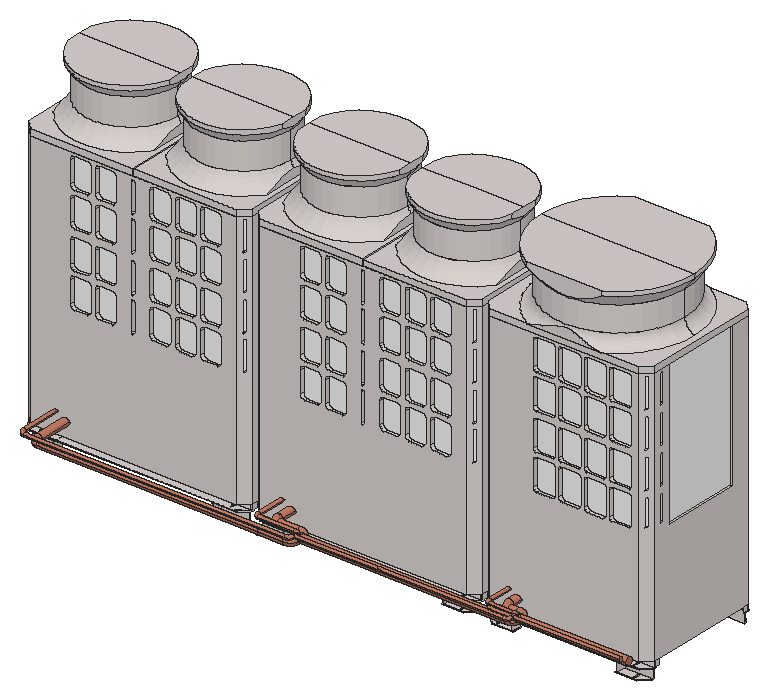
Revit family "PUHY-EP1000YSNW-A1", category 機械設備, Revit 2016 (continued)
Definition of nested family "PUHY-EP250YNW-A1"
  Definition of nested family "FAN GUARD"
    Automatic sketch dimensions
      curve 12 to curve 27 = 8.712 mm
      curve 12 to curve 21 = 0.000 mm
      curve 13 to curve 12 = 0.000 mm
      curve 14 to curve 13 = 0.000 mm  (x2)
      curve 12 to curve 18 = 0.000 mm
      curve 21 to curve 23 = 0.000 mm
      curve 43 to curve 44 = 8.712 mm
      curve 23 to curve 24 = 0.000 mm  (x2)
      curve 43 to curve 42 = 0.000 mm  (x2)
      curve 24 to curve 25 = 0.000 mm  (x2)
      curve 42 to curve 41 = 0.000 mm  (x2)
      curve 25 to curve 26 = 0.000 mm  (x2)
      curve 41 to curve 40 = 0.000 mm  (x2)
      curve 20 to curve 21 = 0.000 mm  (x2)
      curve 40 to curve 39 = 0.000 mm  (x2)
      curve 15 to curve 14 = 0.000 mm
      curve 39 to curve 38 = 0.000 mm
      curve 38 to curve 16 = 0.000 mm  (x2)
      curve 18 to curve 19 = 0.000 mm  (x2)
      curve 12 to curve 17 = 0.000 mm  (x2)
      curve 21 to curve 22 = 0.000 mm  (x2)
      curve 8 to curve 37 = 29.711 mm
      curve 8 to curve 54 = 29.711 mm
      plane 1 "中心(正面/背面)" to curve 37 = 50.289 mm
      plane 1 "中心(正面/背面)" to curve 54 = 50.289 mm
      curve 37 to curve 4 = 29.711 mm
      curve 4 to curve 36 = 57.583 mm
      curve 4 to curve 53 = 57.583 mm
      curve 36 to curve 5 = 22.417 mm
      curve 5 to curve 52 = 25.820 mm
      curve 5 to curve 35 = 25.820 mm
      curve 35 to curve 34 = 36.282 mm
      curve 52 to curve 51 = 36.282 mm
      curve 51 to curve 6 = 17.899 mm
      curve 6 to curve 50 = 11.653 mm
      curve 6 to curve 33 = 11.653 mm
      curve 50 to curve 49 = 24.986 mm
      curve 33 to curve 32 = 24.986 mm
      curve 49 to curve 48 = 21.571 mm
      curve 32 to curve 31 = 21.571 mm
      curve 48 to curve 47 = 18.853 mm
      curve 31 to curve 30 = 18.853 mm
      curve 30 to curve 7 = 2.937 mm
      curve 7 to curve 46 = 13.660 mm
      curve 7 to curve 29 = 13.660 mm
      curve 29 to curve 28 = 14.663 mm
      curve 46 to curve 45 = 14.663 mm
      curve 45 to curve 44 = 12.965 mm
      curve 28 to curve 27 = 12.965 mm
      curve 44 to curve 13 = 8.712 mm
      curve 27 to curve 23 = 8.712 mm
      curve 15 to curve 13 = 0.000 mm
      curve 44 to curve 42 = 8.712 mm
      curve 16 to curve 15 = 0.000 mm
      curve 22 to curve 23 = 0.000 mm
      curve 13 to curve 17 = 0.000 mm
      curve 17 to curve 19 = 0.000 mm
      Revolve 2 sketch curve to plane 3 "中心(左/右)" = 0.000 mm
      Revolve 2 sketch curve to plane 10 "ファンガード上面" = 0.000 mm
      plane 9 "ファンガード基準上面" to Revolve 2 sketch curve = 70.141 mm
      Revolve 2 sketch curve to Revolve 2 sketch curve = 18.161 mm
      Revolve 2 sketch curve to level = 1700.815 mm
      Revolve 2 sketch curve to plane 10 "ファンガード上面" = 93.336 mm
      Revolve 2 sketch curve to plane 10 "ファンガード上面" = 24.000 mm
      Revolve 2 sketch curve to Revolve 2 sketch curve = 790.769 mm
      Revolve 2 sketch curve to Revolve 2 sketch curve = 17.668 mm
  Definition of nested family "BASE LEG"
    Parameters
      Width [instance] = 920.000 mm
    Reference planes
      plane 1 "中心(正面/背面)": y = 0
      plane 2: z = 0
      plane 3 "中心(左/右)": x = 0
      plane 4: x = 460
      plane 5: x = -460
      plane 6: x = -380
      plane 7: x = 380
      plane 8: y = -18
      plane 9: y = 39
      plane 10: z = 53
      plane 11: y = 42
      plane 12: y = 27
      plane 13: x = 415
      plane 14: x = -415
      plane 15: z = 8
      plane 16: y = 11.5
      plane 17: z = 35
    Forms (mm)
      Extrusion 1, solid
        sketch origin (0, 0, 0) x (0, 1, 0) y (0, 0, 1)
          loop
            line (-18, 0) -> (36, 0) -> (36, 32) -> (56, 32) -> (56, 35) -> (33, 35) -> (33, 3) -> (-18, 3) -> (-18, 0)
        from -460 to 460
      Extrusion 2, void
        sketch origin (0, 0, 0) x (1, 0, 0) y (0, 1, 0)
          loop
            line (415, -18) -> (460, -18) -> (460, 27) -> (415, -18)
          loop
            line (-415, -18) -> (-460, 27) -> (-460, -18) -> (-415, -18)
        from 0 to 250
      Extrusion 3, void
        sketch origin (0, 12.023, 0) x (1, 0, 0) y (0, 1, 0)
          loop
            arc (373, -2.971) -> (380, -9.971) -> (387, -2.971) r 7
            line (387, -2.971) -> (387, 3.023)
            arc (387, 3.023) -> (380, 10.023) -> (373, 3.023) r 7
            line (373, 3.023) -> (373, -2.971)
          loop
            line (-373, -2.971) -> (-373, 3.023)
            arc (-373, 3.023) -> (-380, 10.023) -> (-387, 3.023) r 7
            line (-387, 3.023) -> (-387, -2.971)
            arc (-387, -2.971) -> (-380, -9.971) -> (-373, -2.971) r 7
        from 0 to 250
      Extrusion 4, solid
        sketch origin (0, 0, -3) x (1, 0, 0) y (0, 0, 1)
          loop
            line (457, 8) -> (460, 8) -> (460, 35) -> (457, 35) -> (457, 8)
          loop
            line (-457, 8) -> (-457, 35) -> (-460, 35) -> (-460, 8) -> (-457, 8)
        from -36 to -56
      Extrusion 5, solid
        sketch origin (150, 352, 0) x (1, 0, 0) y (0, 1, 0)
          loop
            line (310, -319) -> (305, -319) -> (305, -320) -> (255, -370) -> (260, -370) -> (310, -320) -> (310, -319)
        from 3 to 35
      Extrusion 6, void
        sketch origin (410, -18, 0) x (0.707107, 0.707107, 0) y (0, 0, 1)
          loop
            line (70.711, 3) -> (-6.741, 39.767) -> (-6.741, 3) -> (70.711, 3)
        from -190.256 to 23.776
      Extrusion 7, solid
        sketch origin (-150, 352, 0) x (-1, 0, 0) y (0, -1, 0)
          loop
            line (310, 319) -> (310, 320) -> (260, 370) -> (255, 370) -> (305, 320) -> (305, 319) -> (310, 319)
        from 3 to 35
      Extrusion 8, void
        sketch origin (-410, -18, 0) x (0.707107, -0.707107, 0) y (0, 0, -1)
          loop
            line (-70.711, -3) -> (0, -35) -> (6.741, -35) -> (6.741, -3) -> (-70.711, -3)
        from -190.256 to 23.776
    Cuts and joins
      Extrusion 2, Extrusion 3 cuts Extrusion 1
      joined: Extrusion 1, Extrusion 4
      Extrusion 8 cuts Extrusion 7
      Extrusion 6 cuts Extrusion 5
    Dimensions and locks
      "Width": plane 5 to plane 4
      equal spacing: plane 5, plane 3 "中心(左/右)", plane 4
      locked: plane 5 to plane 6 at 80
      locked: plane 7 to plane 4 at 80
      locked: plane 8 to plane 9 at 57
      locked: plane 10 to level at 53
      locked: plane 9 to plane 11 at 3
      plane 8 to plane 12 = 45.000 mm
      locked: plane 13 to plane 4 at 45
      locked: plane 5 to plane 14 at 45
      equal spacing: Extrusion 3 sketch curve, plane 7, Extrusion 3 sketch curve
      equal spacing: Extrusion 3 sketch curve, plane 6, Extrusion 3 sketch curve
      locked: plane 10 to plane 15 at 45
      locked: cut or joined group of Extrusion 1, Extrusion 2, Extrusion 3, Extrusion 4 to Extrusion 4 sketch curve at 3  (x2)
      locked: plane 8 to plane 16 at 29.5
      plane 8 to plane 11 = 60.000 mm
      cut or joined group of Extrusion 1, Extrusion 2, Extrusion 3, Extrusion 4 to cut or joined group of Extrusion 1, Extrusion 2, Extrusion 3, Extrusion 4 = 35.000 mm
      aligned and locked: level to plane 2
      aligned and locked: plane 8 to Extrusion 1 sketch curve
      aligned and locked: plane 4 to Extrusion 1
      aligned and locked: Extrusion 1 to plane 5
      aligned and locked: Extrusion 2 sketch curve to plane 4
      aligned and locked: Extrusion 2 sketch curve to plane 8
      aligned and locked: plane 12 to Extrusion 2 sketch curve
      aligned and locked: plane 13 to Extrusion 2 sketch curve
      aligned and locked: plane 4 to Extrusion 4 sketch curve
      aligned and locked: plane 5 to Extrusion 4 sketch curve
      aligned and locked: cut or joined group of Extrusion 7, Extrusion 8 to cut or joined group of Extrusion 1, Extrusion 2, Extrusion 3, Extrusion 4
    Automatic sketch dimensions
      Extrusion 3 sketch curve to plane 1 "中心(正面/背面)" = 9.052 mm  (x2)
      Extrusion 3 sketch curve to plane 7 = 7.000 mm
      Extrusion 3 sketch curve to plane 1 "中心(正面/背面)" = 15.046 mm  (x2)
      Extrusion 3 sketch curve to plane 6 = 7.000 mm
      Extrusion 2 sketch curve to plane 5 = 0.000 mm
      plane 8 to Extrusion 2 sketch curve = 0.000 mm
      Extrusion 2 sketch curve to plane 14 = 0.000 mm
      plane 12 to Extrusion 2 sketch curve = 0.000 mm
      Extrusion 4 sketch curve to plane 10 = 21.000 mm
      plane 7 to Extrusion 5 sketch curve = 25.000 mm
      Extrusion 5 sketch curve to Extrusion 5 sketch curve = 5.000 mm  (x2)
      plane 7 to Extrusion 5 sketch curve = 75.000 mm
      plane 8 to Extrusion 5 sketch curve = 0.000 mm
      Extrusion 5 sketch curve to Extrusion 5 sketch curve = 50.000 mm
      Extrusion 5 sketch curve to Extrusion 5 sketch curve = 0.000 mm
      Extrusion 5 sketch curve to Extrusion 5 sketch curve = 1.000 mm
      Extrusion 6 sketch curve to Extrusion 5 = 0.000 mm  (x2)
      Extrusion 6 sketch curve to Extrusion 5 = 6.741 mm
      Extrusion 6 sketch curve to Extrusion 5 = 4.767 mm
      plane 6 to Extrusion 7 sketch curve = 25.000 mm
      Extrusion 7 sketch curve to Extrusion 7 sketch curve = 5.000 mm  (x2)
      Extrusion 7 sketch curve to Extrusion 7 sketch curve = 45.000 mm
      Extrusion 7 sketch curve to plane 8 = 0.000 mm
      Extrusion 7 sketch curve to Extrusion 7 sketch curve = 50.000 mm
      Extrusion 7 sketch curve to Extrusion 7 sketch curve = 0.000 mm
      Extrusion 7 sketch curve to Extrusion 7 sketch curve = 1.000 mm
      Extrusion 8 sketch curve to Extrusion 7 = 0.000 mm  (x2)
      Extrusion 7 to Extrusion 8 sketch curve = 0.000 mm  (x2)
      Extrusion 7 to Extrusion 8 sketch curve = 6.741 mm
      Extrusion 4 sketch curve to plane 17 = 3.000 mm
      Extrusion 4 sketch curve to plane 15 = 3.000 mm  (x2)
      Extrusion 1 sketch curve to plane 17 = 0.000 mm
      Extrusion 1 sketch curve to level = 0.000 mm
      level to Extrusion 1 sketch curve = 3.000 mm
      plane 9 to Extrusion 1 sketch curve = 6.000 mm
      plane 9 to Extrusion 1 sketch curve = 3.000 mm
      Extrusion 1 sketch curve to plane 17 = 3.000 mm
      Extrusion 1 sketch curve to plane 11 = 14.000 mm
  Definition of nested family "ATTACHMENT LEG"
    Parameters
      Width = 145.000 mm
    Reference planes
      plane 1: z = 0
      plane 2 "中心(左/右)": x = -6
      plane 3: x = -52
      plane 4: x = 85
      plane 5: x = 93
      plane 6: y = -21
      plane 7: y = 27
      plane 8: x = -30
      plane 9: y = 39
      plane 10: z = 60
      plane 11: z = 57
      plane 12: z = 3
      plane 13: x = 82
      plane 14: y = 36
      plane 15: x = -75
      plane 16: y = 31
      plane 17 "幅": x = 93
      plane 18: y = 2.5
      plane 19: y = 21
      plane 20: y = -10
    Forms (mm)
      Extrusion 1, solid
        sketch origin (0, -1, 0) x (1, 0, 0) y (0, 1, 0)
          loop
            line (-75, 36) -> (-75, 27) -> (-28, -20) -> (93, -20) -> (93, 32) -> (85, 32) -> (85, 36) -> (-75, 36)
        from 0 to 60
      Extrusion 2, void
        sketch origin (0, -3, 0) x (1, 0, 0) y (0, 0, 1)
          loop
            line (-75, 57) -> (-75, 3) -> (82, 3) -> (82, 57) -> (-75, 57)
          loop
            line (93, 57) -> (85, 57) -> (85, 3) -> (93, 3) -> (93, 57)
        from -35 to 18
      Extrusion 3, void
        sketch origin (-6, 5.5, 0) x (1, 0, 0) y (0, 1, 0)
          loop
            arc (-7, -8.5) -> (0, -15.5) -> (7, -8.5) r 7
            line (7, -8.5) -> (7, 8.5)
            arc (7, 8.5) -> (0, 15.5) -> (-7, 8.5) r 7
            line (-7, 8.5) -> (-7, -8.5)
        from 0 to 60
    Cuts and joins
      Extrusion 2, Extrusion 3 cuts Extrusion 1
    Dimensions and locks
      locked: plane 3 to plane 4 at 137
      locked: plane 3 to plane 5 at 145
      plane 6 to plane 7 = 48.000 mm
      locked: plane 10 to level at 60
      Extrusion 3 sketch curve to plane 2 "中心(左/右)" = 7.000 mm
      locked: plane 15 to plane 2 "中心(左/右)" at 69
      locked: plane 15 to plane 8 at 45
      locked: plane 6 to plane 18 at 23.5
      cut or joined group of Extrusion 1, Extrusion 2, Extrusion 3 to cut or joined group of Extrusion 1, Extrusion 2, Extrusion 3 = 168.000 mm
      cut or joined group of Extrusion 1, Extrusion 2, Extrusion 3 to cut or joined group of Extrusion 1, Extrusion 2, Extrusion 3 = 56.000 mm  (x2)
      plane 14 to plane 6 = 57.000 mm
      aligned and locked: level to plane 1
      aligned and locked: Extrusion 1 sketch curve to plane 4
      aligned and locked: Extrusion 1 sketch curve to plane 5
      aligned: plane 8 to Extrusion 1 sketch curve
      aligned and locked: plane 10 to Extrusion 1
      aligned and locked: Extrusion 2 sketch curve to plane 11
      aligned: plane 3 to Extrusion 2 sketch curve
      aligned and locked: plane 12 to Extrusion 2 sketch curve
      aligned and locked: Extrusion 2 sketch curve to plane 13
      aligned and locked: plane 6 to Extrusion 2
      aligned and locked: plane 11 to Extrusion 2 sketch curve
      aligned and locked: plane 5 to Extrusion 2 sketch curve
      aligned and locked: Extrusion 2 sketch curve to plane 12
      aligned and locked: Extrusion 2 sketch curve to plane 4
      aligned and locked: plane 15 to Extrusion 1 sketch curve
      aligned and locked: Extrusion 2 sketch curve to cut or joined group of Extrusion 1, Extrusion 2, Extrusion 3
      aligned and locked: Extrusion 1 to plane 16
Types (6, lengths in mm): name | Voltage | Hertz | Heating Rated Load Ampacity (A) | Heating Current Input (Nominal) (A) | Heating Current Input (A) | Cooling Rated Load Ampacity (A) | Cooling Current Input (A)
  PUHY-EP1000YSNW-A1_380V_50Hz | 380 V | 50 Hz | 50.3 | 42.1 | 50.3 | 50.1 | 50.1
  PUHY-EP1000YSNW-A1_380V_60Hz | 380 V | 60 Hz | 50.3 | 42.1 | 50.3 | 50.1 | 50.1
  PUHY-EP1000YSNW-A1_400V_50Hz | 400 V | 50 Hz | 47.8 | 39.9 | 47.8 | 47.6 | 47.6
  PUHY-EP1000YSNW-A1_400V_60Hz | 400 V | 60 Hz | 47.8 | 39.9 | 47.8 | 47.6 | 47.6
  PUHY-EP1000YSNW-A1_415V_50Hz | 415 V | 50 Hz | 46 | 38.5 | 46 | 45.9 | 45.9
  PUHY-EP1000YSNW-A1_415V_60Hz | 415 V | 60 Hz | 46 | 38.5 | 46 | 45.9 | 45.9
